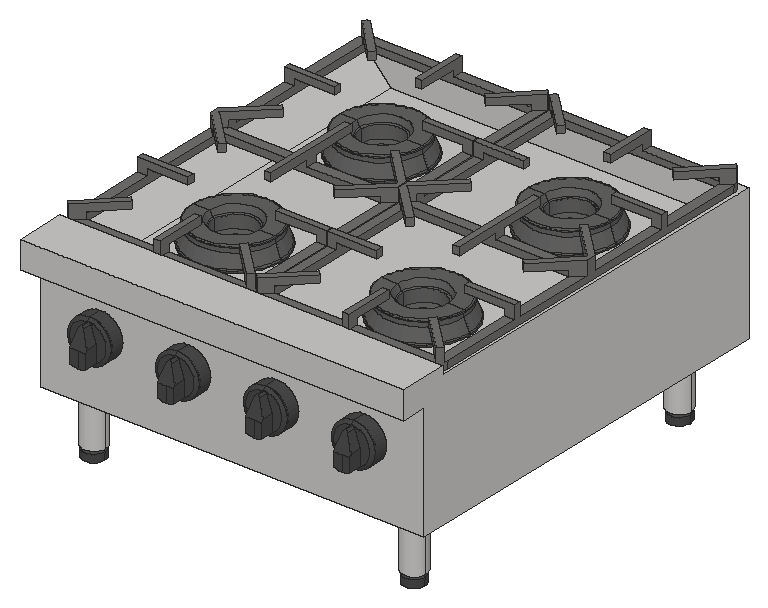
Revit family "QF_MACOM_FE06E_DA", category Equipamento especial, Revit 2020
Family settings
  Cota do conector redondo = Utilizar diâmetro
  Tipo de parte = Normal
  Número OmniClass = 23.40.40.14.17.11
  Título OmniClass = Cookers, Ovens, Stoves
  Com base no plano de trabalho = Não
  Sempre na vertical = Sim
  Corte com vazios quando carregada = Não
  Compartilhado = Não
  Ponto de cálculo do ambiente = Não
Parameters (values of type "FE06E-G")
  Width = 610.000 mm
  Weight = 35.00 kg
  Volume = 0.17 m³
  URL = "https://www.acosmacom.com.br/produtos/fogao-de-encosto-linha-exportacao/"
  Number of Burners = "04"
  Modelo = "FE06E-DA"
  Length = 686.000 mm
  Height = 328.000 mm
  Gas Size = 3/4"
  Gas Pressure = 0.0285 bar
  Gas Input GN = ""
  Gas Input GLP = 68388 Btu/h
  Gas Consumption GN = 0.000 m³/h
  Gas Consumption GLP = "1,5 Kg/h"
  Gas Connection Height = 80.000 mm
  Fabricante = "MACOM"
  Elevação padrão = 0.000 mm
  Descrição = "FOGAO ENCOSTO EXPORTACAO MACOM 610, DUPLO GAS, PADRAO GLP + KIT GN - MEDINDO: 610 X 686 X 328"
Types (3, lengths in mm): name | Gas Pressure | Gas Input GN | Gas Input GLP | Gas Consumption GN | Gas Consumption GLP
  (no name) | 0.0285 bar | "" | 68388 Btu/h | 0.000 m³/h | "1,5 Kg/h"
  FE06E-G | 0.0285 bar | "" | 68388 Btu/h | 0.000 m³/h | "1,5 Kg/h"
  FE06E-N | 0.022 bar | "17222 Kcal/h" | 0 Btu/h | 1.820 m³/h | ""
Reference planes
  plane 1 "Center (Front/Back)": y = 0
  plane 2: z = 0
  plane 3 "Center (Left/Right)": x = 0
  plane 4: x = 610
  plane 5: y = -686
  plane 6: x = 305
  plane 7: y = -313.772
  plane 8: y = -1.5
  plane 9: z = 108
  plane 10: y = 37
  plane 11: y = -453
  plane 12: x = 155
  plane 13: x = 455
  plane 14: y = -307
  plane 15: x = 605
  plane 16: y = -453
  plane 17: x = 455
  plane 18: y = -307
  plane 19: z = 100
Forms (mm)
  Extrusion 1, solid, material "QF_Stainless-Polished"
    sketch origin (0, 0, 100) x (1, 0, 0) y (0, 0, 1)
      loop
        circle (535, 80) r 9.525
    from -32.496 to 0
  Extrusion 2, solid, material "QF_Metal_Stainless Steel"
    sketch origin (608.5, 0, 100) x (0, 1, 0) y (0, 0, -1)
      loop
        line (-645, -184) -> (-686, -184) -> (-686, -228) -> (-607, -228) -> (-607, -174) -> (-23, -174) -> (-23, -215) -> (0, -215) -> (0, 0) -> (-645, 0) -> (-645, -184)
    from -1.5 to 608.5
  Extrusion 3, solid, material "QF_Metal_Stainless Steel"
    sketch origin (608.5, -23, 315) x (0, 0, -1) y (1, 0, 0)
      loop
        line (41, 1.5) -> (0, 1.5) -> (0, -19.5) -> (41, -57.5) -> (41, 1.5)
      loop
        line (41, -608.5) -> (41, -549.5) -> (0, -587.5) -> (0, -608.5) -> (41, -608.5)
    from 0 to 584
Cuts and joins
  joined: Extrusion 2, Extrusion 3
Lines and regions (mm)
  symbolic lines
    curve 1: line (0, 0, 0) -> (610, 0, 0)
    curve 2: line (610, 0, 0) -> (610, -686, 0)
    curve 3: line (610, -686, 0) -> (0, -686, 0)
    curve 4: line (0, -686, 0) -> (0, 0, 0)
    curve 5: line (20, -7, 0) -> (290, -7, 0)
    curve 6: arc (290, -7, 0) -> (300.607, -11.393, 0) -> (305, -22, 0) r 15
    curve 7: line (305, -22, 0) -> (305, -592, 0)
    curve 8: arc (305, -592, 0) -> (300.607, -602.607, 0) -> (290, -607, 0) r 15
    curve 9: line (290, -607, 0) -> (20, -607, 0)
    curve 10: arc (20, -607, 0) -> (9.393, -602.607, 0) -> (5, -592, 0) r 15
    curve 11: line (5, -592, 0) -> (5, -22, 0)
    curve 12: arc (5, -22, 0) -> (9.393, -11.393, 0) -> (20, -7, 0) r 15
    curve 13: line (13.536, -8.464, 0) -> (68.64, -63.569, 0)
    curve 14: line (68.64, -63.569, 0) -> (61.569, -70.64, 0)
    curve 15: line (61.569, -70.64, 0) -> (6.464, -15.536, 0)
    curve 16: line (150, -7, 0) -> (150, -87, 0)
    curve 17: line (150, -87, 0) -> (160, -87, 0)
    curve 18: line (160, -87, 0) -> (160, -7, 0)
    curve 19: line (296.464, -8.464, 0) -> (241.36, -63.569, 0)
    curve 20: line (241.36, -63.569, 0) -> (248.431, -70.64, 0)
    curve 21: line (248.431, -70.64, 0) -> (303.536, -15.536, 0)
    curve 22: line (305, -156, 0) -> (225, -156, 0)
    curve 23: line (225, -156, 0) -> (225, -166, 0)
    curve 24: line (225, -166, 0) -> (289, -166, 0)
    curve 25: line (289, -166, 0) -> (305, -166, 0)
    curve 26: line (305, -299.929, 0) -> (248.431, -243.36, 0)
    curve 27: line (248.431, -243.36, 0) -> (241.36, -250.431, 0)
    curve 28: line (241.36, -250.431, 0) -> (297.929, -307, 0)
    curve 29: line (297.929, -307, 0) -> (241.36, -363.569, 0)
    curve 30: line (241.36, -363.569, 0) -> (248.431, -370.64, 0)
    curve 31: line (248.431, -370.64, 0) -> (305, -314.071, 0)
    curve 32: line (150, -227, 0) -> (150, -387, 0)
    curve 33: line (150, -387, 0) -> (160, -387, 0)
    curve 34: line (160, -387, 0) -> (160, -227, 0)
    curve 35: line (160, -227, 0) -> (150, -227, 0)
    curve 36: line (305, -448, 0) -> (225, -448, 0)
    curve 37: line (225, -448, 0) -> (225, -458, 0)
    curve 38: line (225, -458, 0) -> (305, -458, 0)
    curve 39: line (303.536, -598.464, 0) -> (248.431, -543.36, 0)
    curve 40: line (248.431, -543.36, 0) -> (241.36, -550.431, 0)
    curve 41: line (241.36, -550.431, 0) -> (296.464, -605.536, 0)
    curve 42: line (160, -607, 0) -> (160, -527, 0)
    curve 43: line (160, -527, 0) -> (150, -527, 0)
    curve 44: line (150, -527, 0) -> (150, -607, 0)
    curve 45: line (13.536, -605.536, 0) -> (68.64, -550.431, 0)
    curve 46: line (68.64, -550.431, 0) -> (61.569, -543.36, 0)
    curve 47: line (61.569, -543.36, 0) -> (6.464, -598.464, 0)
    curve 48: line (5, -458, 0) -> (85, -458, 0)
    curve 49: line (85, -458, 0) -> (85, -448, 0)
    curve 50: line (85, -448, 0) -> (5, -448, 0)
    curve 51: line (5, -314.071, 0) -> (61.569, -370.64, 0)
    curve 52: line (61.569, -370.64, 0) -> (68.64, -363.569, 0)
    curve 53: line (68.64, -363.569, 0) -> (12.071, -307, 0)
    curve 54: line (12.071, -307, 0) -> (68.64, -250.431, 0)
    curve 55: line (68.64, -250.431, 0) -> (61.569, -243.36, 0)
    curve 56: line (61.569, -243.36, 0) -> (5, -299.929, 0)
    curve 57: line (5, -166, 0) -> (85, -166, 0)
    curve 58: line (85, -166, 0) -> (85, -156, 0)
    curve 59: line (85, -156, 0) -> (5, -156, 0)
    curve 60: line (28.071, -23, 0) -> (150, -23, 0)
    curve 61: line (160, -23, 0) -> (281.929, -23, 0)
    curve 62: line (289, -30.071, 0) -> (289, -156, 0)
    curve 63: line (289, -166, 0) -> (289, -283.929, 0)
    curve 64: line (289, -298.071, 0) -> (289, -299, 0)
    curve 65: line (289, -299, 0) -> (160, -299, 0)
    curve 66: line (150, -299, 0) -> (21, -299, 0)
    curve 67: line (21, -299, 0) -> (21, -298.071, 0)
    curve 68: line (21, -283.929, 0) -> (21, -166, 0)
    curve 69: line (21, -156, 0) -> (21, -30.071, 0)
    curve 70: line (289, -330.071, 0) -> (289, -448, 0)
    curve 71: line (289, -458, 0) -> (289, -583.929, 0)
    curve 72: line (281.929, -591, 0) -> (160, -591, 0)
    curve 73: line (150, -591, 0) -> (28.071, -591, 0)
    curve 74: line (21, -583.929, 0) -> (21, -458, 0)
    curve 75: line (21, -448, 0) -> (21, -330.071, 0)
    curve 76: line (21, -315.929, 0) -> (21, -315, 0)
    curve 77: line (21, -315, 0) -> (150, -315, 0)
    curve 78: line (160, -315, 0) -> (289, -315, 0)
    curve 79: line (289, -315, 0) -> (289, -315.929, 0)
    curve 80: circle (155, -161, 0) r 18 normal (0, 0, 1)
    curve 81: circle (155, -161, 0) r 33.068 normal (0, 0, 1)
    curve 82: circle (155, -161, 0) r 40 normal (0, 0, 1)
    curve 83: circle (155, -161, 0) r 65 normal (0, 0, 1)
    curve 84: arc (160, -227.813, 0) -> (221.953, -158.498, 0) -> (155, -94, 0) r 67
    curve 85: arc (155, -94, 0) -> (88.047, -158.498, 0) -> (150, -227.813, 0) r 67
    curve 86: arc (150, -86.496, 0) -> (118.799, -95.63, 0) -> (94.519, -117.249, 0) r 74.037
    curve 87: arc (94.519, -117.249, 0) -> (84.823, -135.656, 0) -> (80.47, -156, 0) r 76.132
    curve 88: arc (80.476, -166, 0) -> (86.265, -190.18, 0) -> (99.637, -211.14, 0) r 75.045
    curve 89: arc (99.637, -211.14, 0) -> (122.438, -228.249, 0) -> (150, -235.526, 0) r 74.386
    curve 90: arc (160, -235.519, 0) -> (187.781, -228.169, 0) -> (210.677, -210.802, 0) r 74.106
    curve 91: arc (210.677, -210.802, 0) -> (223.814, -189.963, 0) -> (229.524, -166, 0) r 75.314
    curve 92: arc (229.519, -156, 0) -> (222.745, -129.395, 0) -> (206.719, -107.104, 0) r 73.826
    curve 93: arc (206.719, -107.104, 0) -> (185.154, -92.724, 0) -> (160, -86.472, 0) r 75.603
    curve 94: arc (150, -378.475, 0) -> (125.631, -384.301, 0) -> (104.582, -397.892, 0) r 74.335
    curve 95: arc (104.582, -397.892, 0) -> (87.714, -420.63, 0) -> (80.476, -448, 0) r 75.01
    curve 96: arc (80.512, -458, 0) -> (85.818, -481.354, 0) -> (98.403, -501.731, 0) r 72.949
    curve 97: arc (98.403, -501.731, 0) -> (121.66, -519.712, 0) -> (150, -527.526, 0) r 76.036
    curve 98: arc (160, -527.522, 0) -> (189.303, -519.453, 0) -> (212.85, -500.235, 0) r 73.623
    curve 99: arc (212.85, -500.235, 0) -> (224.404, -480.388, 0) -> (229.524, -458, 0) r 76.247
    curve 100: arc (229.52, -448, 0) -> (222.693, -421.586, 0) -> (206.932, -399.318, 0) r 75.567
    curve 101: arc (206.932, -399.318, 0) -> (185.338, -384.68, 0) -> (160, -378.47, 0) r 73.803
    curve 102: arc (150, -386.187, 0) -> (88.047, -455.502, 0) -> (155, -520, 0) r 67
    curve 103: arc (155, -520, 0) -> (221.953, -455.502, 0) -> (160, -386.187, 0) r 67
    curve 104: circle (155, -453, 0) r 65 normal (0, 0, 1)
    curve 105: circle (155, -453, 0) r 40 normal (0, 0, 1)
    curve 106: circle (155, -453, 0) r 33.068 normal (0, 0, 1)
    curve 107: circle (155, -453, 0) r 18 normal (0, 0, 1)
    curve 108: line (320, -7, 0) -> (590, -7, 0)
    curve 109: arc (590, -7, 0) -> (600.607, -11.393, 0) -> (605, -22, 0) r 15
    curve 110: line (605, -22, 0) -> (605, -592, 0)
    curve 111: arc (605, -592, 0) -> (600.607, -602.607, 0) -> (590, -607, 0) r 15
    curve 112: line (590, -607, 0) -> (320, -607, 0)
    curve 113: arc (320, -607, 0) -> (309.393, -602.607, 0) -> (305, -592, 0) r 15
    curve 114: line (305, -592, 0) -> (305, -22, 0)
    curve 115: arc (305, -22, 0) -> (309.393, -11.393, 0) -> (320, -7, 0) r 15
    curve 116: line (313.536, -8.464, 0) -> (368.64, -63.569, 0)
    curve 117: line (368.64, -63.569, 0) -> (361.569, -70.64, 0)
    curve 118: line (361.569, -70.64, 0) -> (306.464, -15.536, 0)
    curve 119: line (450, -7, 0) -> (450, -87, 0)
    curve 120: line (450, -87, 0) -> (460, -87, 0)
    curve 121: line (460, -87, 0) -> (460, -7, 0)
    curve 122: line (596.464, -8.464, 0) -> (541.36, -63.569, 0)
    curve 123: line (541.36, -63.569, 0) -> (548.431, -70.64, 0)
    curve 124: line (548.431, -70.64, 0) -> (603.536, -15.536, 0)
    curve 125: line (605, -156, 0) -> (525, -156, 0)
    curve 126: line (525, -156, 0) -> (525, -166, 0)
    curve 127: line (525, -166, 0) -> (589, -166, 0)
    curve 128: line (589, -166, 0) -> (605, -166, 0)
    curve 129: line (605, -299.929, 0) -> (548.431, -243.36, 0)
    curve 130: line (548.431, -243.36, 0) -> (541.36, -250.431, 0)
    curve 131: line (541.36, -250.431, 0) -> (597.929, -307, 0)
    curve 132: line (597.929, -307, 0) -> (541.36, -363.569, 0)
    curve 133: line (541.36, -363.569, 0) -> (548.431, -370.64, 0)
    curve 134: line (548.431, -370.64, 0) -> (605, -314.071, 0)
    curve 135: line (450, -227, 0) -> (450, -387, 0)
    curve 136: line (450, -387, 0) -> (460, -387, 0)
    curve 137: line (460, -387, 0) -> (460, -227, 0)
    curve 138: line (460, -227, 0) -> (450, -227, 0)
    curve 139: line (605, -448, 0) -> (525, -448, 0)
    curve 140: line (525, -448, 0) -> (525, -458, 0)
    curve 141: line (525, -458, 0) -> (605, -458, 0)
    curve 142: line (603.536, -598.464, 0) -> (548.431, -543.36, 0)
    curve 143: line (548.431, -543.36, 0) -> (541.36, -550.431, 0)
    curve 144: line (541.36, -550.431, 0) -> (596.464, -605.536, 0)
    curve 145: line (460, -607, 0) -> (460, -527, 0)
    curve 146: line (460, -527, 0) -> (450, -527, 0)
    curve 147: line (450, -527, 0) -> (450, -607, 0)
    curve 148: line (313.536, -605.536, 0) -> (368.64, -550.431, 0)
    curve 149: line (368.64, -550.431, 0) -> (361.569, -543.36, 0)
    curve 150: line (361.569, -543.36, 0) -> (306.464, -598.464, 0)
    curve 151: line (305, -458, 0) -> (385, -458, 0)
    curve 152: line (385, -458, 0) -> (385, -448, 0)
    curve 153: line (385, -448, 0) -> (305, -448, 0)
    curve 154: line (305, -314.071, 0) -> (361.569, -370.64, 0)
    curve 155: line (361.569, -370.64, 0) -> (368.64, -363.569, 0)
    curve 156: line (368.64, -363.569, 0) -> (312.071, -307, 0)
    curve 157: line (312.071, -307, 0) -> (368.64, -250.431, 0)
    curve 158: line (368.64, -250.431, 0) -> (361.569, -243.36, 0)
    curve 159: line (361.569, -243.36, 0) -> (305, -299.929, 0)
    curve 160: line (305, -166, 0) -> (385, -166, 0)
    curve 161: line (385, -166, 0) -> (385, -156, 0)
    curve 162: line (385, -156, 0) -> (305, -156, 0)
    curve 163: line (328.071, -23, 0) -> (450, -23, 0)
    curve 164: line (460, -23, 0) -> (581.929, -23, 0)
    curve 165: line (589, -30.071, 0) -> (589, -156, 0)
    curve 166: line (589, -166, 0) -> (589, -283.929, 0)
    curve 167: line (589, -298.071, 0) -> (589, -299, 0)
    curve 168: line (589, -299, 0) -> (460, -299, 0)
    curve 169: line (450, -299, 0) -> (321, -299, 0)
    curve 170: line (321, -299, 0) -> (321, -298.071, 0)
    curve 171: line (321, -283.929, 0) -> (321, -166, 0)
    curve 172: line (321, -156, 0) -> (321, -30.071, 0)
    curve 173: line (589, -330.071, 0) -> (589, -448, 0)
    curve 174: line (589, -458, 0) -> (589, -583.929, 0)
    curve 175: line (581.929, -591, 0) -> (460, -591, 0)
    curve 176: line (450, -591, 0) -> (328.071, -591, 0)
    curve 177: line (321, -583.929, 0) -> (321, -458, 0)
    curve 178: line (321, -448, 0) -> (321, -330.071, 0)
    curve 179: line (321, -315.929, 0) -> (321, -315, 0)
    curve 180: line (321, -315, 0) -> (450, -315, 0)
    curve 181: line (460, -315, 0) -> (589, -315, 0)
    curve 182: line (589, -315, 0) -> (589, -315.929, 0)
    curve 183: circle (455, -161, 0) r 18 normal (0, 0, 1)
    curve 184: circle (455, -161, 0) r 33.068 normal (0, 0, 1)
    curve 185: circle (455, -161, 0) r 40 normal (0, 0, 1)
    curve 186: circle (455, -161, 0) r 65 normal (0, 0, 1)
    curve 187: arc (460, -227.813, 0) -> (521.953, -158.498, 0) -> (455, -94, 0) r 67
    curve 188: arc (455, -94, 0) -> (388.047, -158.498, 0) -> (450, -227.813, 0) r 67
    curve 189: arc (450, -86.496, 0) -> (418.799, -95.63, 0) -> (394.519, -117.249, 0) r 74.037
    curve 190: arc (394.519, -117.249, 0) -> (384.823, -135.656, 0) -> (380.47, -156, 0) r 76.132
    curve 191: arc (380.476, -166, 0) -> (386.265, -190.18, 0) -> (399.637, -211.14, 0) r 75.045
    curve 192: arc (399.637, -211.14, 0) -> (422.438, -228.249, 0) -> (450, -235.526, 0) r 74.386
    curve 193: arc (460, -235.519, 0) -> (487.781, -228.169, 0) -> (510.677, -210.802, 0) r 74.106
    curve 194: arc (510.677, -210.802, 0) -> (523.814, -189.963, 0) -> (529.524, -166, 0) r 75.314
    curve 195: arc (529.519, -156, 0) -> (522.745, -129.395, 0) -> (506.719, -107.104, 0) r 73.826
    curve 196: arc (506.719, -107.104, 0) -> (485.154, -92.724, 0) -> (460, -86.472, 0) r 75.603
    curve 197: arc (450, -378.475, 0) -> (425.631, -384.301, 0) -> (404.582, -397.892, 0) r 74.335
    curve 198: arc (404.582, -397.892, 0) -> (387.714, -420.63, 0) -> (380.476, -448, 0) r 75.01
    curve 199: arc (380.512, -458, 0) -> (385.818, -481.354, 0) -> (398.403, -501.731, 0) r 72.949
    curve 200: arc (398.403, -501.731, 0) -> (421.66, -519.712, 0) -> (450, -527.526, 0) r 76.036
    curve 201: arc (460, -527.522, 0) -> (489.303, -519.453, 0) -> (512.85, -500.235, 0) r 73.623
    curve 202: arc (512.85, -500.235, 0) -> (524.404, -480.388, 0) -> (529.524, -458, 0) r 76.247
    curve 203: arc (529.52, -448, 0) -> (522.693, -421.586, 0) -> (506.932, -399.318, 0) r 75.567
    curve 204: arc (506.932, -399.318, 0) -> (485.338, -384.68, 0) -> (460, -378.47, 0) r 73.803
    curve 205: arc (450, -386.187, 0) -> (388.047, -455.502, 0) -> (455, -520, 0) r 67
    curve 206: arc (455, -520, 0) -> (521.953, -455.502, 0) -> (460, -386.187, 0) r 67
    curve 207: circle (455, -453, 0) r 65 normal (0, 0, 1)
    curve 208: circle (455, -453, 0) r 40 normal (0, 0, 1)
    curve 209: circle (455, -453, 0) r 33.068 normal (0, 0, 1)
    curve 210: circle (455, -453, 0) r 18 normal (0, 0, 1)
    curve 211: line (59, -545.929, 0) -> (59, -458, 0)
    curve 212: line (59, -448, 0) -> (59, -368.071, 0)
    curve 213: line (59, -353.929, 0) -> (59, -315, 0)
    curve 214: line (59, -299, 0) -> (59, -260.071, 0)
    curve 215: line (59, -245.929, 0) -> (59, -166, 0)
    curve 216: line (59, -156, 0) -> (59, -68.071, 0)
    curve 217: line (59, -53.929, 0) -> (59, -23, 0)
    curve 218: line (551, -23, 0) -> (551, -53.929, 0)
    curve 219: line (551, -68.071, 0) -> (551, -156, 0)
    curve 220: line (551, -166, 0) -> (551, -245.929, 0)
    curve 221: line (551, -260.071, 0) -> (551, -299, 0)
    curve 222: line (551, -315, 0) -> (551, -353.929, 0)
    curve 223: line (551, -368.071, 0) -> (551, -448, 0)
    curve 224: line (551, -458, 0) -> (551, -545.929, 0)
    curve 225: line (107.691, -686, 0) -> (107.691, -690, 0)
    curve 226: line (107.691, -690, 0) -> (82.309, -690, 0)
    curve 227: line (82.309, -690, 0) -> (82.309, -686, 0)
    curve 228: line (86.336, -686, 0) -> (82.309, -688.916, 0)
    curve 229: line (107.691, -688.916, 0) -> (103.664, -686, 0)
    curve 230: line (222.309, -686, 0) -> (222.309, -690, 0)
    curve 231: line (222.309, -690, 0) -> (247.691, -690, 0)
    curve 232: line (247.691, -690, 0) -> (247.691, -686, 0)
    curve 233: line (247.691, -688.916, 0) -> (243.664, -686, 0)
    curve 234: line (222.309, -688.916, 0) -> (226.336, -686, 0)
    curve 235: line (362.309, -686, 0) -> (362.309, -690, 0)
    curve 236: line (362.309, -690, 0) -> (387.691, -690, 0)
    curve 237: line (387.691, -690, 0) -> (387.691, -686, 0)
    curve 238: line (387.691, -688.916, 0) -> (383.664, -686, 0)
    curve 239: line (362.309, -688.916, 0) -> (366.336, -686, 0)
    curve 240: line (502.309, -686, 0) -> (502.309, -690, 0)
    curve 241: line (502.309, -690, 0) -> (527.691, -690, 0)
    curve 242: line (527.691, -690, 0) -> (527.691, -686, 0)
    curve 243: line (527.691, -688.916, 0) -> (523.664, -686, 0)
    curve 244: line (506.336, -686, 0) -> (502.309, -688.916, 0)
    curve 245: line (59, -560.071, 0) -> (59, -591, 0)
    curve 246: line (551, -560.071, 0) -> (551, -591, 0)
    curve 247: line (610, -607, 0) -> (0, -607, 0)
    curve 248: line (525.475, 32.496, 0) -> (525.475, 0, 0)
    curve 249: line (544.525, 32.496, 0) -> (544.525, 0, 0)
    curve 250: line (544.525, 32.496, 0) -> (525.475, 32.496, 0)
Dimensions and locks
  group 1 to group 2 = 300.000 mm
  group 1 to group 2 = 0.000 mm  (x2)
  locked: plane 19 to Extrusion 1 sketch curve at 80
  locked: plane 4 to Extrusion 1 sketch curve at 75
  aligned and locked: level to plane 2
  aligned and locked: Extrusion 3 to nested 5
  aligned and locked: nested 5 to Extrusion 3
  aligned and locked: plane 19 to cut or joined group of Extrusion 2, Extrusion 3
Nested families
  nested 1: "Sapata 100mm" at (50, -602.03, 17.513) x (1, 0, 0) z (0, -1, 0), type "Sapata 100mm"
  nested 2: "Sapata 100mm" at (50, -74.5, 17.513) x (1, 0, 0) z (0, -1, 0), type "Sapata 100mm"
  nested 3: "Sapata 100mm" at (560, -602.03, 17.513) x (-1, 0, 0) z (0, -1, 0), type "Sapata 100mm"
  nested 4: "Sapata 100mm" at (560, -74.5, 17.513) x (-1, 0, 0) z (0, -1, 0), type "Sapata 100mm"
  nested 5: "GRELHA_FE" at (305, -607, 315), type "GRELHA_FE"
  nested 6: "GRELHA_FE" at (305, -607, 315) x (-1, 0, 0) z (0, 0, 1), type "GRELHA_FE"
  nested 7: "QUEIMADOR FF72C" at (155, -453, 185.5), type "QUEIMADOR"
  nested 8: "QUEIMADOR FF72C" at (455, -453, 185.5), type "QUEIMADOR"
  nested 9: "QUEIMADOR FF72C" at (155, -161, 185.5), type "QUEIMADOR"
  nested 10: "QUEIMADOR FF72C" at (455, -161, 185.5), type "QUEIMADOR"
  nested 11: "button2" at (95, -645, 208), type "button2"
  nested 12: "button2" at (235, -645, 208), type "button2"
  nested 13: "button2" at (375, -645, 208), type "button2"
  nested 14: "button2" at (515, -645, 208), type "button2"
Connectors
  piping at (535, 32.496, 180), diameter 19.05
    settings: on Extrusion 1, index 1, connector inside diameter 24", connector length 0.000 mm, flow factor 0, pipe flow 0.000 m³/h, pressure drop 0.00 bar, fitting loss kfactor 0, connector angle 0.00°, fixture units 0, engagement length 0.000 mm, angle of deflection 0.00°, flow configuration 0, flow direction 1, fitting loss method 0, system type 29, joint type 0, gender type 0, connector reference index -1, connector utility 0, adjustable connector no, is connector primary yes, connector description ""
Definition of nested family "Sapata 100mm"
  Parameters
    Default Elevation = 0.000 mm
  Reference planes
    plane 1 "Centro (Frente/Trás)": y = 0
    plane 2: z = 0
    plane 3 "Centro (Esquerda/Direita)": x = 0
  Forms (mm)
    Revolve 1, solid
      sketch origin (0, 0, 0) x (1, 0, 0) y (0, 1, 0)
        loop
          line (17.3, -17.513) -> (17.3, -5.713) -> (11.853, -0.266) -> (0, -0.266) -> (0, -17.513) -> (17.3, -17.513)
        axis (0, -0.266) -> (0, -17.513)
      angle from 0 to 360
    Revolve 2, solid
      sketch origin (0, 0, 0) x (1, 0, 0) y (0, 1, 0)
        loop
          line (0, 0) -> (0, 82.487) -> (-19.05, 82.487) -> (-19.05, 0) -> (0, 0)
        axis (0, 82.487) -> (0, 0)
      angle from 0 to 360
  Dimensions and locks
    plane 1 "Centro (Frente/Trás)" to Revolve 2 sketch curve = 82.487 mm
    aligned and locked: level to plane 2
Definition of nested family "GRELHA_FE"
  Parameters (values of type "GRELHA_FE")
    Default Elevation = 0.000 mm
  Reference planes
    plane 1 "Center (Front/Back)": y = 0
    plane 2: z = 0
    plane 3 "Center (Left/Right)": x = 0
    plane 4: z = 10.5
    plane 5: z = 20.5
    plane 6: z = 32.5
  Forms (mm)
    Extrusion 1, solid
      sketch origin (0, 0, 0) x (1, 0, 0) y (0, 1, 0)
        loop
          line (0, 0) -> (0, 600) -> (-300, 600) -> (-300, 0) -> (0, 0)
        loop
          line (-284, 584) -> (-284, 308) -> (-16, 308) -> (-16, 584) -> (-284, 584)
        loop
          line (-16, 16) -> (-16, 292) -> (-284, 292) -> (-284, 16) -> (-16, 16)
      from 0 to 10.5
    Extrusion 2, solid
      sketch origin (0, 0, 0) x (1, 0, 0) y (0, 1, 0)
        loop
          line (-300, 0) -> (-292.929, 0) -> (-276.929, 16) -> (-284, 16) -> (-284, 23.071) -> (-300, 7.071) -> (-300, 0)
        loop
          line (0, 0) -> (0, 7.071) -> (-16, 23.071) -> (-16, 16) -> (-23.071, 16) -> (-7.071, 0) -> (0, 0)
        loop
          line (-300, 600) -> (-300, 592.929) -> (-284, 576.929) -> (-284, 584) -> (-276.929, 584) -> (-292.929, 600) -> (-300, 600)
        loop
          line (0, 600) -> (-7.071, 600) -> (-23.071, 584) -> (-16, 584) -> (-16, 576.929) -> (0, 592.929) -> (0, 600)
        loop
          line (-300, 292.929) -> (-284, 276.929) -> (-284, 291.071) -> (-292.929, 300) -> (-284, 308.929) -> (-284, 323.071) -> (-300, 307.071) -> (-300, 292.929)
        loop
          line (0, 292.929) -> (0, 307.071) -> (-16, 323.071) -> (-16, 308.929) -> (-7.071, 300) -> (-16, 291.071) -> (-16, 276.929) -> (0, 292.929)
        loop
          line (-300, 149) -> (-284, 149) -> (-284, 159) -> (-300, 159) -> (-300, 149)
        loop
          line (0, 149) -> (0, 159) -> (-16, 159) -> (-16, 149) -> (0, 149)
        loop
          line (-300, 451) -> (-300, 441) -> (-284, 441) -> (-284, 451) -> (-300, 451)
        loop
          line (0, 451) -> (-16, 451) -> (-16, 441) -> (0, 441) -> (0, 451)
        loop
          line (-145, 16) -> (-155, 16) -> (-155, 0) -> (-145, 0) -> (-145, 16)
        loop
          line (-145, 584) -> (-145, 600) -> (-155, 600) -> (-155, 584) -> (-145, 584)
        loop
          line (-145, 308) -> (-155, 308) -> (-155, 292) -> (-145, 292) -> (-145, 308)
      from 10.5 to 20.5
    Extrusion 3, solid
      sketch origin (0, 0, 0) x (1, 0, 0) y (0, 1, 0)
        loop
          line (-292.929, 0) -> (-236.36, 56.569) -> (-243.431, 63.64) -> (-300, 7.071) -> (-300, 0) -> (-292.929, 0)
        loop
          line (-7.071, 0) -> (0, 0) -> (0, 7.071) -> (-56.569, 63.64) -> (-63.64, 56.569) -> (-7.071, 0)
        loop
          line (-292.929, 600) -> (-300, 600) -> (-300, 592.929) -> (-243.431, 536.36) -> (-236.36, 543.431) -> (-292.929, 600)
        loop
          line (-7.071, 600) -> (-63.64, 543.431) -> (-56.569, 536.36) -> (0, 592.929) -> (0, 600) -> (-7.071, 600)
        loop
          line (-300, 307.071) -> (-300, 292.929) -> (-243.431, 236.36) -> (-236.36, 243.431) -> (-292.929, 300) -> (-236.36, 356.569) -> (-243.431, 363.64) -> (-300, 307.071)
        loop
          line (0, 307.071) -> (-56.569, 363.64) -> (-63.64, 356.569) -> (-7.071, 300) -> (-63.64, 243.431) -> (-56.569, 236.36) -> (0, 292.929) -> (0, 307.071)
        loop
          line (-300, 451) -> (-300, 441) -> (-220, 441) -> (-220, 451) -> (-300, 451)
        loop
          line (0, 451) -> (-80, 451) -> (-80, 441) -> (0, 441) -> (0, 451)
        loop
          line (-300, 149) -> (-220, 149) -> (-220, 159) -> (-300, 159) -> (-300, 149)
        loop
          line (0, 149) -> (0, 159) -> (-80, 159) -> (-80, 149) -> (0, 149)
        loop
          line (-155, 0) -> (-145, 0) -> (-145, 80) -> (-155, 80) -> (-155, 0)
        loop
          line (-155, 380) -> (-155, 220) -> (-145, 220) -> (-145, 380) -> (-155, 380)
        loop
          line (-155, 600) -> (-155, 520) -> (-145, 520) -> (-145, 600) -> (-155, 600)
      from 20.5 to 32.5
    Extrusion 4, void
      sketch origin (0, 0, 0) x (1, 0, 0) y (0, 1, 0)
        loop
          line (-300, 15) -> (-300, 0) -> (-285, 0)
          arc (-285, 0) -> (-295.607, 4.393) -> (-300, 15) r 15
        loop
          line (-15, 0) -> (0, 0) -> (0, 15)
          arc (0, 15) -> (-4.393, 4.393) -> (-15, 0) r 15
        loop
          arc (-300, 585) -> (-295.607, 595.607) -> (-285, 600) r 15
          line (-285, 600) -> (-300, 600) -> (-300, 585)
        loop
          arc (-15, 600) -> (-4.393, 595.607) -> (0, 585) r 15
          line (0, 585) -> (0, 600) -> (-15, 600)
      from -8.48 to 42.791
  Cuts and joins
    Extrusion 4 cuts Extrusion 1
    Extrusion 4 cuts Extrusion 2
    Extrusion 4 cuts Extrusion 3
    joined: Extrusion 1, Extrusion 2, Extrusion 3
  Dimensions and locks
    aligned and locked: level to plane 2
Definition of nested family "QUEIMADOR FF72C"
  Parameters (values of type "QUEIMADOR FF72C")
    Default Elevation = 0.000 mm
  Reference planes
    plane 1 "Center (Front/Back)": y = 0
    plane 2: z = 0
    plane 3 "Center (Left/Right)": x = 0
  Forms (mm)
    Revolve 1, solid
      sketch origin (0, 0, 0) x (1, 0, 0) y (0, 0, 1)
        loop
          line (0, 123) -> (-65.5, 123)
          arc (-65.5, 123) -> (-66.561, 122.561) -> (-67, 121.5) r 1.5
          line (-67, 121.5) -> (-67, 120.5) -> (-65, 120.5) -> (-65, 112) -> (-73.5, 93) -> (-74.568, 90.613)
          arc (-74.568, 90.613) -> (-74.458, 89.184) -> (-73.199, 88.5) r 1.5
          line (-73.199, 88.5) -> (0, 88.5) -> (0, 123)
        axis (0, 88.5) -> (0, 123)
      angle from 0 to 360
    Revolve 2, void
      sketch origin (0, 0, 0) x (1, 0, 0) y (0, 0, 1)
        loop
          line (-40, 123) -> (-35.799, 113.759)
          arc (-35.799, 113.759) -> (-34.692, 112.478) -> (-33.068, 112) r 3
          line (-33.068, 112) -> (-33.068, 92) -> (0, 92) -> (0, 123) -> (-40, 123)
        axis (0, 123) -> (0, 92)
      angle from 0 to 360
    Extrusion 3, void
      sketch origin (0, 0, 0) x (1, 0, 0) y (0, 1, 0)
        loop
          circle (0, 0) r 18
      from 0 to 250
  Cuts and joins
    Revolve 2, Extrusion 3 cuts Revolve 1
  Dimensions and locks
    aligned and locked: level to plane 2
Definition of nested family "button2"
  Parameters (values of type "button2")
    Default Elevation = 0.000 mm
  Reference planes
    plane 1 "Center (Front/Back)": y = 0
    plane 2: z = 0
    plane 3 "Center (Left/Right)": x = 0
  Forms (mm)
    Revolve 1, solid
      sketch origin (0, 0, 0) x (0, 1, 0) y (0, 0, 1)
        loop
          line (0, 34.75) -> (-21.68, 34.75) -> (-25, 29) -> (-45, 29) -> (-45, 0) -> (0, 0) -> (0, 34.75)
        axis (0, 0) -> (-45, 0)
      angle from 0 to 360
    Extrusion 2, void
      sketch origin (0, -45, 0) x (0, 0, -1) y (-1, 0, 0)
        loop
          line (26.076, -12.691) -> (0, -12.691) -> (-25.282, -3.986) -> (-28.979, -1.097)
          arc (-28.979, -1.097) -> (-5.976, -28.378) -> (26.076, -12.691) r 29
        loop
          arc (26.076, 12.691) -> (-5.976, 28.378) -> (-28.979, 1.097) r 29
          line (-28.979, 1.097) -> (-25.282, 3.986) -> (0, 12.691) -> (26.076, 12.691)
      from -10 to 20
    Extrusion 3, void
      sketch origin (0, 0, 0) x (0, 1, 0) y (0, 0, 1)
        loop
          line (-45, -4.349) -> (-35.787, 32.603) -> (-45, 32.603) -> (-45, -4.349)
      from -35.871 to 23.428
  Cuts and joins
    Extrusion 2, Extrusion 3 cuts Revolve 1
  Dimensions and locks
    Revolve 1 sketch curve to level = 29.000 mm
    Revolve 1 sketch curve to level = 34.750 mm
    plane 1 "Center (Front/Back)" to Revolve 1 sketch curve = 25.000 mm
    aligned and locked: level to plane 2
    aligned and locked: Extrusion 2 to Revolve 1
